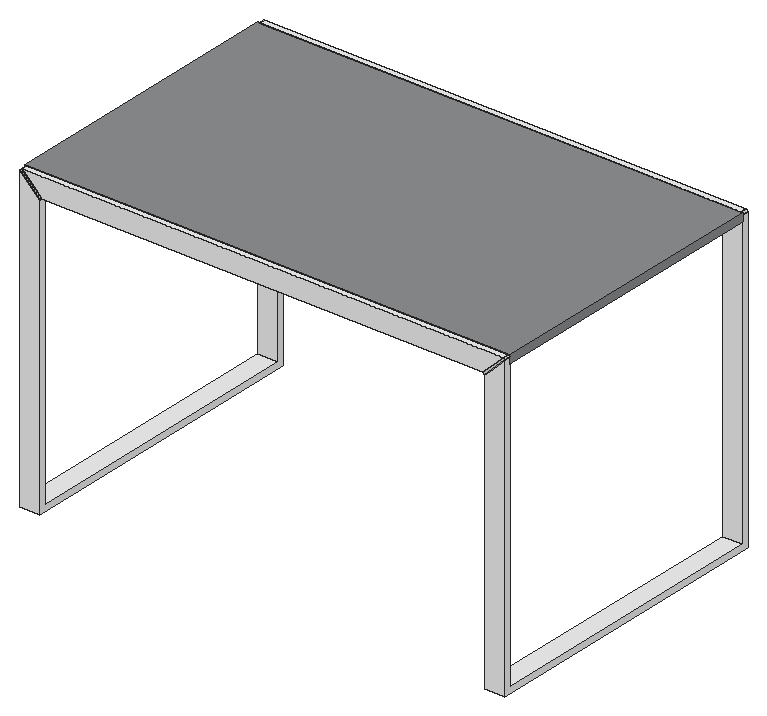
Revit family
Parameters (values of type "Chiuso - 900 x 750")
  Larghezza = 1200 mm
  Type Comments = "Tavolo con gambe in alluminio e top in laminato"
  Materiale Top = Smalto - Grigio
  Materiale Gambe = Metallo - Alluminio
Types (3, lengths in mm): name | Larghezza | Type Comments
  (no name) | 1200 | "Tavolo con gambe in alluminio e top in laminato"
  Chiuso - 900 x 750 | 1200 | "Tavolo con gambe in alluminio e top in laminato"
  Aperto - 2100 x 750 | 2120 | ""
Reference planes
  plane 1 "Center (Front/Back)": y = 0
  plane 2: z = 0
  plane 3 "Center (Left/Right)": x = 0
  plane 4: y = 375
  plane 5: y = -375
  plane 6 "right": x = 600
  plane 7 "left": x = -600
  plane 8: z = 730
  plane 9 "top": z = 750
  plane 10: x = 550
  plane 11: x = -550
  plane 12: y = 360
  plane 13: y = -360
  plane 14: z = 700
  plane 15: x = 530
Forms (mm)
  Extrusion 1, solid, material "Smalto - Grigio" <- "Materiale Top"
    sketch origin (0, 0, 0) x (1, 0, 0) y (0, 1, 0)
      loop
        line (-600, 360) -> (-600, -360) -> (600, -360) -> (600, 360) -> (-600, 360)
    from 730 to 750
  Extrusion 2, solid, material "Metallo - Alluminio" <- "Materiale Gambe"
    sketch origin (0, -375, 0) x (1, 0, 0) y (0, 0, 1)
      loop
        line (-595.757, 750) -> (-545.757, 700) -> (545.757, 700) -> (595.757, 750) -> (-595.757, 750)
    from -15 to 0
  Extrusion 3, solid, material "Metallo - Alluminio" <- "Materiale Gambe"
    sketch origin (0, 360, 0) x (1, 0, 0) y (0, 0, 1)
      loop
        line (-595.757, 750) -> (-545.757, 700) -> (545.757, 700) -> (595.757, 750) -> (-595.757, 750)
    from -15 to 0
  Extrusion 4, solid, material "Metallo - Alluminio" <- "Materiale Gambe"
    sketch origin (0, -360, 0) x (0, 0, -1) y (-1, 0, 0)
      loop
        line (-695.757, -550) -> (-745.757, -600) -> (0, -600) -> (0, -550) -> (-695.757, -550)
      loop
        line (-695.757, 550) -> (0, 550) -> (0, 600) -> (-745.757, 600) -> (-695.757, 550)
    from -15 to 0
  Extrusion 5, solid, material "Metallo - Alluminio" <- "Materiale Gambe"
    sketch origin (0, 380, 0) x (0, 0, -1) y (-1, 0, 0)
      loop
        line (-695.757, -550) -> (-745.757, -600) -> (0, -600) -> (0, -550) -> (-695.757, -550)
      loop
        line (-695.757, 550) -> (0, 550) -> (0, 600) -> (-745.757, 600) -> (-695.757, 550)
    from -20 to -5
  Extrusion 6, solid, material "Metallo - Alluminio" <- "Materiale Gambe"
    sketch origin (0, 0, 0) x (1, 0, 0) y (0, 1, 0)
      loop
        line (600, 375) -> (550, 375) -> (550, -375) -> (600, -375) -> (600, 375)
      loop
        line (-600, 375) -> (-600, -375) -> (-550, -375) -> (-550, 375) -> (-600, 375)
    from 0 to 15
  Extrusion 7, solid, material "Metallo - Alluminio" <- "Materiale Gambe"
    sketch origin (0, -360, 0) x (0, 0, -1) y (-1, 0, 0)
      loop
        line (-700, -530) -> (-700, -515) -> (-730, -515) -> (-730, -530) -> (-700, -530)
    from 0 to 720
  Extrusion 8, solid, material "Metallo - Alluminio" <- "Materiale Gambe"
    sketch origin (-180, -360, 0) x (0, 0, -1) y (-1, 0, 0)
      loop
        line (-700, -530) -> (-700, -515) -> (-730, -515) -> (-730, -530) -> (-700, -530)
    from 0 to 720
  Extrusion 9, solid
    sketch origin (550, -360, 695.757) x (0, -1, 0) y (0.707107, 0, 0.707107)
      loop
        line (0, 70.711) -> (0, 0) -> (15, 0) -> (15, 70.711) -> (0, 70.711)
    from 0 to 6
  Extrusion 10, solid
    sketch origin (550, 375, 695.757) x (0, -1, 0) y (0.707107, 0, 0.707107)
      loop
        line (0, 70.711) -> (0, 0) -> (15, 0) -> (15, 70.711) -> (0, 70.711)
    from 0 to 6
  Extrusion 11, solid
    sketch origin (-550, 375, 695.757) x (0, -1, 0) y (0.707107, 0, -0.707107)
      loop
        line (0, -70.711) -> (15, -70.711) -> (15, 0) -> (0, 0) -> (0, -70.711)
    from 0 to 6
  Extrusion 12, solid
    sketch origin (-550, -375, 695.757) x (0, 1, 0) y (-0.707107, 0, 0.707107)
      loop
        line (0, 70.711) -> (0, 0) -> (15, 0) -> (15, 70.711) -> (0, 70.711)
    from 0 to 6
Cuts and joins
  joined: Extrusion 4, Extrusion 5, Extrusion 6
Dimensions and locks
  equal spacing: plane 7 "left", plane 3 "Center (Left/Right)", plane 6 "right"
  equal spacing: plane 5, plane 1 "Center (Front/Back)", plane 4
  plane 5 to plane 4 = 750 mm
  "Larghezza": plane 7 "left" to plane 6 "right"
  locked: plane 12 to plane 13 at 720
  locked: plane 12 to plane 4 at 15
  locked: plane 13 to plane 5 at 15
  locked: plane 9 "top" to level at 750
  locked: plane 9 "top" to plane 8 at 20
  locked: plane 9 "top" to plane 14 at 50
  locked: Extrusion 4 sketch curve to Extrusion 4 sketch curve at 50  (x2)
  locked: Extrusion 4 sketch curve to Extrusion 4 sketch curve at 1200
  locked: Extrusion 5 sketch curve to Extrusion 5 sketch curve at 50  (x2)
  locked: Extrusion 5 sketch curve to Extrusion 5 sketch curve at 1200
  locked: Extrusion 6 sketch curve to Extrusion 6 sketch curve at 50  (x2)
  locked: Extrusion 6 sketch curve to Extrusion 6 sketch curve at 1200
  equal spacing: plane 11, plane 3 "Center (Left/Right)", plane 10
  locked: plane 11 to plane 10 at 1100
  locked: Extrusion 2 sketch curve to plane 11 at 45.757
  locked: plane 11 to Extrusion 2 sketch curve at 4.243
  locked: plane 10 to Extrusion 2 sketch curve at 45.757
  locked: Extrusion 2 sketch curve to plane 10 at 4.243
  locked: plane 10 to Extrusion 3 sketch curve at 45.757
  locked: Extrusion 3 sketch curve to plane 10 at 4.243
  locked: Extrusion 3 sketch curve to plane 11 at 45.757
  locked: plane 11 to Extrusion 3 sketch curve at 4.243
  aligned and locked: Extrusion 1 sketch curve to plane 12
  aligned and locked: plane 13 to Extrusion 1 sketch curve
  aligned and locked: plane 6 "right" to Extrusion 1 sketch curve
  aligned and locked: Extrusion 1 sketch curve to plane 7 "left"
  aligned and locked: Extrusion 1 to plane 9 "top"
  aligned and locked: plane 8 to Extrusion 1
  aligned and locked: plane 13 to Extrusion 2
  aligned and locked: plane 5 to Extrusion 2
  aligned and locked: Extrusion 3 to plane 4
  aligned and locked: plane 12 to Extrusion 3
  aligned and locked: plane 5 to Extrusion 4
  aligned and locked: plane 13 to Extrusion 4
  aligned and locked: Extrusion 5 to plane 12
  aligned and locked: Extrusion 5 to plane 4
  aligned and locked: plane 13 to Extrusion 7
  aligned and locked: plane 12 to Extrusion 7
  aligned and locked: plane 12 to Extrusion 8
  aligned and locked: Extrusion 8 to plane 13
  aligned and locked: Extrusion 4 sketch curve to plane 10
  aligned and locked: plane 10 to Extrusion 5 sketch curve
  aligned and locked: Extrusion 9 to Extrusion 2
Automatic sketch dimensions
  Extrusion 2 sketch curve to plane 9 "top" = 0 mm
  Extrusion 2 sketch curve to plane 14 = 0 mm
  Extrusion 3 sketch curve to plane 9 "top" = 0 mm
  Extrusion 3 sketch curve to plane 14 = 0 mm
  Extrusion 4 sketch curve to level = 0 mm  (x2)
  plane 14 to Extrusion 4 sketch curve = 4.243 mm  (x2)
  plane 9 "top" to Extrusion 4 sketch curve = 4.243 mm  (x2)
  Extrusion 5 sketch curve to level = 0 mm  (x2)
  plane 14 to Extrusion 5 sketch curve = 4.243 mm  (x2)
  plane 9 "top" to Extrusion 5 sketch curve = 4.243 mm  (x2)
  Extrusion 6 sketch curve to plane 5 = 0 mm  (x2)
  Extrusion 6 sketch curve to plane 4 = 0 mm  (x2)
  Extrusion 6 sketch curve to plane 10 = 0 mm
  Extrusion 7 sketch curve to plane 8 = 0 mm
  Extrusion 7 sketch curve to plane 14 = 0 mm
  Extrusion 7 sketch curve to plane 15 = 0 mm
  Extrusion 7 sketch curve to Extrusion 7 sketch curve = 15 mm
  Extrusion 8 sketch curve to plane 8 = 0 mm
  Extrusion 8 sketch curve to plane 14 = 0 mm
  plane 15 to Extrusion 8 sketch curve = 180 mm
  Extrusion 8 sketch curve to Extrusion 8 sketch curve = 15 mm
  Extrusion 10 sketch curve to plane 1 "Center (Front/Back)" = 375 mm
  Extrusion 10 sketch curve to Extrusion 10 sketch curve = 15 mm
  Extrusion 10 sketch curve to Extrusion 10 sketch curve = 70.711 mm
  Extrusion 11 sketch curve to plane 4 = 0 mm
  Extrusion 11 sketch curve to plane 12 = 0 mm
  Extrusion 11 sketch curve to Extrusion 11 sketch curve = 70.711 mm
  Extrusion 12 sketch curve to plane 5 = 0 mm
  Extrusion 12 sketch curve to plane 13 = 0 mm
  Extrusion 12 sketch curve to Extrusion 12 sketch curve = 70.711 mm
